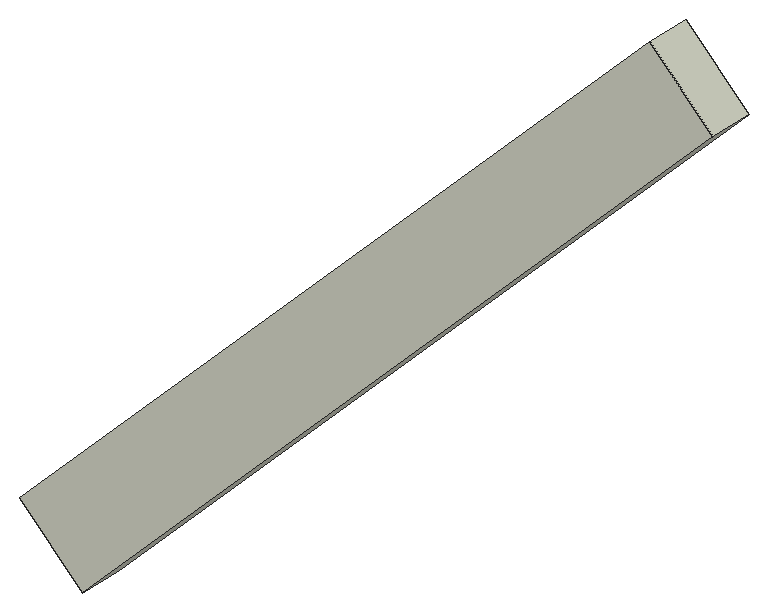
Revit family "グレーチング_溝形鋼", category Generic Models, Revit 2020
Family settings
  Can host rebar = No
  Round Connector Dimension = Use Diameter
  Part Type = Normal
  Work Plane-Based = Yes
  Always vertical = No
  Cut with Voids When Loaded = No
  Shared = No
  Room Calculation Point = No
Parameters (values of type "C 100 x 50")
  高さ = 100 mm
  長辺 [instance] = 長さ  # 1000 mm
  長さ [instance] = 1000 mm
  部屋名 = ""
  角度 [instance] = 45.00°
  Default Elevation = 1219.2 mm
  構造マテリアル = E614_グレーチング
  幅 = 50 mm
Types (10, lengths in mm): name | 高さ | 幅
  C 100 x 50 | 100 | 50
  C 125 x 65 | 125 | 65
  C 150 x 75 | 150 | 75
  C 180 x 75 | 180 | 75
  C 200 x 80 | 200 | 80
  C 200 x 90 | 200 | 90
  C 250 x 90 | 250 | 90
  C 300 x 90 | 300 | 90
  C 380 x 100 | 380 | 100
  C 75 x 40 | 75 | 40
Reference planes
  plane 1 "中心(正面/背面)": y = 0
  plane 2: z = 0
  plane 3 "中心(左/右)": x = 0
Lines and regions (mm)
  reference lines
    curve 1: line (0, 0, 0) -> (777.817, 0, 777.817)
    curve 2: line (35.355, 0, -35.355) -> (-35.355, 0, 35.355)
    curve 3: line (742.462, 0, 671.751) -> (671.751, 0, 742.462)
Dimensions and locks
  equal spacing: curve 2, curve 1, curve 2
  "高さ": curve 2 to curve 2
  equal spacing: curve 3, curve 1, curve 3
  "高さ": curve 3 to curve 3
  "長さ": curve 3 to curve 2
  "角度": angle level to curve 1
  angle curve 2 to curve 1 = 90.00°
  angle curve 3 to curve 1 = 90.00°
  aligned and locked: level to plane 2
  aligned and locked: level to curve 1
  aligned and locked: plane 3 "中心(左/右)" to curve 1
  aligned and locked: nested 1 to curve 1
Nested families
  nested 1: "溝形鋼" at (-35.355, 0, 35.355) x (0, 1, 0) z (0.7071, 0, -0.7071), 長さ <- "長さ", type "C 100 x 50"
    with 長辺 1000 mm, 長さ 1000 mm, 高さ 100 mm, 幅 50 mm
Definition of nested family "溝形鋼"
  Parameters (values of type "Ｈ 150 x 150")
    高さ = 150 mm
    長辺 [instance] = 長さ  # 500 mm
    長さ [instance] = 500 mm
    部屋名 = ""
    Default Elevation = 1219.2 mm
    構造マテリアル = none
    幅 = 150 mm
  Types (33, lengths in mm): name | 高さ | 長辺 | 長さ | 幅
    Ｈ 900 x 300 | 900 | 1000 | 1000 | 300
    Ｈ 800 x 300 | 800 | 1000 | 1000 | 300
    Ｈ 700 x 300 | 700 | 1000 | 1000 | 300
    Ｈ 588 x 300 | 588 | 1000 | 1000 | 300
    Ｈ 600 x 200 | 600 | 1000 | 1000 | 200
    Ｈ 488 x 300 | 488 | 1000 | 1000 | 300
    Ｈ 500 x 200 | 500 | 1000 | 1000 | 200
    Ｈ 440 x 300 | 440 | 1000 | 1000 | 300
    Ｈ 450 x 200 | 450 | 1000 | 1000 | 200
    Ｈ 400 x 400 | 400 | 1000 | 1000 | 400
    Ｈ 390 x 300 | 390 | 1000 | 1000 | 300
    Ｈ 400 x 200 | 400 | 1000 | 1000 | 200
    Ｈ 350 x 350 | 350 | 1000 | 1000 | 350
    Ｈ 340 x 250 | 340 | 1000 | 1000 | 250
    Ｈ 294 x 200 | 294 | 1000 | 1000 | 200
    Ｈ 244 x 175 | 244 | 1000 | 1000 | 175
    Ｈ 350 x 175 | 350 | 1000 | 1000 | 175
    Ｈ 300 x 300 | 300 | 1000 | 1000 | 300
    Ｈ 300 x 150 | 300 | 500 | 500 | 150
    Ｈ 250 x 250 | 250 | 500 | 500 | 250
    Ｈ 250 x 125 | 250 | 500 | 500 | 125
    Ｈ 200 x 200 | 200 | 500 | 500 | 200
    Ｈ 194 x 150 | 194 | 500 | 500 | 150
    Ｈ 200 x 100 | 200 | 500 | 500 | 100
    Ｈ 175 x 175 | 175 | 500 | 500 | 175
    Ｈ 175 x 90 | 175 | 500 | 500 | 90
    Ｈ 150 x 150 | 150 | 500 | 500 | 150
    Ｈ 148 x 100 | 148 | 500 | 500 | 100
    Ｈ 150 x 75 | 150 | 500 | 500 | 75
    Ｈ 125 x 125 | 125 | 500 | 500 | 125
    Ｈ 125 x 60 | 125 | 500 | 500 | 60
    Ｈ 100 x100 | 100 | 500 | 500 | 100
    Ｈ 100 x 50 | 100 | 500 | 500 | 50
  Reference planes
    plane 1 "中心(正面/背面)": y = 0
    plane 2: z = 0
    plane 3 "中心(左/右)": x = 0
    plane 4: z = 75
    plane 5: z = 150
  Forms (mm)
    Extrusion 1, solid, material <- "構造マテリアル"
      sketch origin (0, 0, 0) x (1, 0, 0) y (0, 1, 0)
        loop
          line (-75, 500) -> (-75, 0) -> (75, 0) -> (75, 500) -> (-75, 500)
      from 0 to 150
  Lines and regions (mm)
    reference lines
      curve 1: line (75, 500, 0) -> (-75, 500, 0)
      curve 2: line (75, 0, 0) -> (-75, 0, 0)
  Dimensions and locks
    "長さ": curve 1 to curve 2
    "幅": Extrusion 1 to Extrusion 1
    equal spacing: Extrusion 1, plane 3 "中心(左/右)", Extrusion 1
    "幅": curve 1 to curve 1
    equal spacing: curve 1, plane 3 "中心(左/右)", curve 1
    "幅": curve 2 to curve 2
    equal spacing: curve 2, plane 3 "中心(左/右)", curve 2
    equal spacing: plane 5, plane 4, level
    "高さ": plane 5 to level
    aligned and locked: level to plane 2
    aligned and locked: Extrusion 1 to curve 2
    aligned and locked: curve 1 to Extrusion 1
    aligned and locked: plane 5 to Extrusion 1
  Automatic sketch dimensions
    Extrusion 1 sketch curve to plane 3 "中心(左/右)" = 75 mm
    plane 3 "中心(左/右)" to Extrusion 1 sketch curve = 75 mm
    plane 1 "中心(正面/背面)" to Extrusion 1 sketch curve = 0 mm
    Extrusion 1 sketch curve to plane 1 "中心(正面/背面)" = 500 mm
    plane 1 "中心(正面/背面)" to curve 2 = 0 mm
